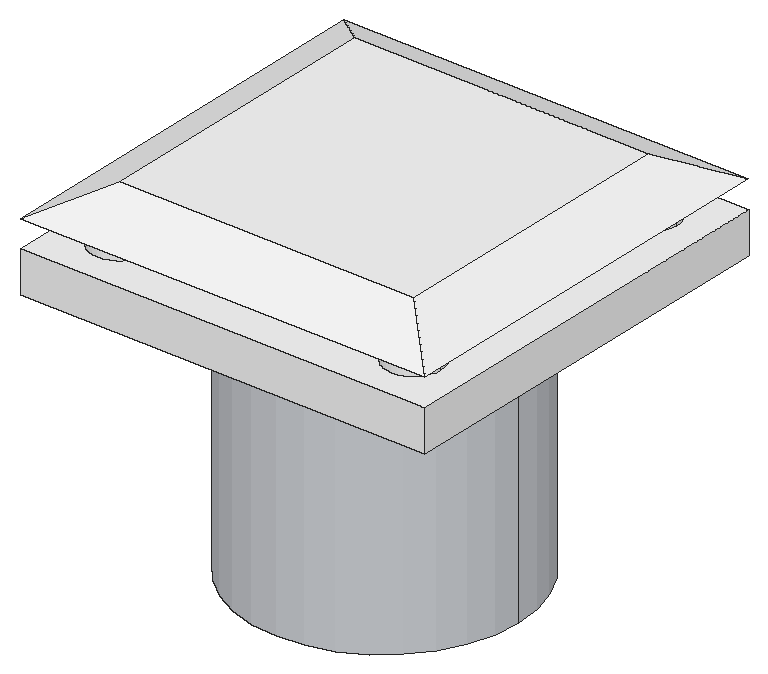
Revit family "CADS_AIRFLOWdev_Fan_QuietAir", category Mechanical Equipment, host Face, Revit 2015
Parameters (values of type "QT100B")
  WeeklyMaintenance = "N/A"
  WarrantyStartDate [instance] = "1900-12-31T23:59:85"
  WarrantyPeriodWhenRegistered = "3"
  WarrantyPeriodForMotors = "1"
  WarrantyPeriod = "2"
  WarrantyGuarantorParts = "info@airflow.com"
  WarrantyGuarantorLabor = "info@airflow.com"
  WarrantyGuarantor = "Airflow Developments Ltd"
  WarrantyEndDate [instance] = "1900-12-31T23:59:63"
  WarrantyContent = "Covered against faulty material or workmanship - not reinstallation if needed"
  Variable_Speed = no
  Uniclass2015 = "Pr_65_67_29_05"
  Type = "QT100B"
  Timer = no
  TagNumber [instance] = "N/A"
  SustainabilityPerformance = "N/A"
  SupplyPhase = 1
  Status = "New"
  StartingTime = 5.0 s
  Spigot Length [instance] = if(Flow_Straightener, C, C - E)  # 96 mm
  Size = "131 x 147 x 147"
  ShippingWeight = 0.75 kg
  Shape = "Square"
  ServiceLifeType = "ExpectedServiceLife"
  ServiceLifeDuration = "3"
  SerialNumber [instance] = "N/A"
  SAPApproval [instance] = no
  RoomExtractAirTerminalDevices = "En-suite, toilet and bathroom fan"
  ReplacementCost = "110.808"
  RedDotDesignAward = yes
  RatedVoltage = 230 V
  RatedCurrent = 3 A
  QuietMarkApproval = yes
  QuietAir = CADS_AirFlow_White
  QuarterlyMaintenance = "N/A"
  Quantity = 1
  ProductionYear = "2017"
  ProductLiterature = "https://www.airflow.com/pdf/Residential%20low%20res%20pdfs/QuietAir%20100.pdf"
  PressureCurve = "https://www.airflow.com/pdf/Residential%20low%20res%20pdfs/QuietAir%20100.pdf"
  PowerSource = "System-powered"
  PointOfContact = "Airflow Developments Ltd"
  Plot Main Unit Driver = ""
  PassiveHouseApproval [instance] = no
  OperationTemperatureRange = "up to 40°C"
  OperationAndMaintenanceManual = "https://www.airflow.com/pdf/OperatingInstructions/QuietAir/9041550_QuietAir_100B_120B_Instructions.pdf"
  NumberOfPoles = 1
  NominalWidth = 147 mm
  NominalStaticPressure = 50.0 Pa
  NominalRotationSpeed = 44.1 Hz
  NominalPowerRate = 9 W
  NominalLength = 131 mm
  NominalHeight = 147 mm
  NominalFrequencyRange = "50-60"
  NominalAirFlowRate = 25.0 L/s
  NBSCode = "90-45-30/310 Axial flow fans;"
  MotorEnclosureType = "Totally Enclosed Air Over"
  MotorDriveType = "Direct Drive"
  Motion_Sensor_Timer = no
  MonthlyMaintenance = "N/A"
  ModelReference = "9041259"
  ModelLabel = "QuietAir 100B"
  Material = "Plastic"
  ManufacturerWebsite = "www.airflow.com"
  ManufacturerTelephone = "01494 525252"
  ManufacturerE-Mail = "info@airflow.com"
  ManufacturerAddress = "Aidelle House\nLancaster Road\nCressex Business Park\nHigh Wycombe\nBucks\nHP123QP"
  Manufacturer = "Airflow Developments Ltd"
  IsGuarded = yes
  IsExtendedWarranty = no
  InsulationStandardClass = "Double Insulated"
  InstallationDate [instance] = "1900-12-31T23:59:63"
  IfcExportType = "NOTDEFINED"
  IfcExportAs = "IfcFanType"
  ISO90001 = yes
  ISO140001 = yes
  IP_Code = "IP45"
  Humidity_Timer = no
  HasProtectiveEarth = no
  HasPartWinding = yes
  GrossWeight = 0.80 kg
  Grade = "Virgin"
  GlobalTradeItemNumber = "5019009306445"
  Flow_Straightener [instance] = yes
  Flow [instance] = 0.0 L/s
  FireControlPanelLinks = no
  Finish = "Matte"
  Features = "The quietest fan complying with Building Regulations and Domestic Ventilation Compliance Guide on both speeds\n2 speed ventilation up to 25l/sec\nNoise levels from just 25dB(A)\nIdeal for longer duct runs\nLow SFP from 0.24 W/l/s\nPower consumption from just 5W\nQuiet Mark Awarded\nRed Dot Design Award Winner"
  Fan = "Domestic intermittent axial fan"
  ExternalExhaustAirTerminals = "90% free air grille"
  ExpectedServiceLife = 3
  Exclusions = "Hasn't been installed or used in accordance with the instructions\nConnected with an unsuitable electrical supply\nHas been misused, neglected or damaged\nModified or repaired by someone not authorised by Airflow Developments Ltd\nHasn't been installed according to Building Regulations or IEEE wiring regulations"
  ErPFiche = "https://www.airflow.com/AIR1/AIR1-SHOP2/images/products/ErP/fiche/9041259%20ErP%20Product%20Fiche.jpg"
  ErPEnergyRating = "E"
  E = 52 mm
  DurationUnit = "Year"
  Ductwork = "100mm flexible or rigid"
  DesignOfDomesticVentilation = "This fan should provide the minimum flow rates outlined and installed in line with Approved Document Part F of the Building Regulations."
  Description = "The quietest fan complying with Building Regulations and Domestic Ventilation Compliance Guide on both speeds"
  Default Elevation = 1219.2 mm
  DailyMaintenance = "N/A"
  D = 98 mm
  Controls = "Basic on/off functionality controlled by external switch"
  Constituents = "N/A"
  ConductorFunction = "N/A"
  Color = "White"
  CodePerformance = "N/A"
  Category = "Pr_65_67_29_05:Axial Flow Fans"
  CapacityControlType = "Two Speed"
  CEApproval = yes
  CADS_Index = 0
  C = 96 mm
  Basic = yes
  BMSLinks = no
  B = 35 mm
  AssetType = "Fixed"
  AssetIdentifier [instance] = "N/A"
  AssemblyPlace = "UKNOWN"
  ArticleNumber = "N/A"
  AnnualMaintenance = "N/A"
  AccessibilityPerformance = "N/A"
  AccessClearanceTop = 350 mm
  AccessClearanceRight = 350 mm
  AccessClearanceRear = 0 mm
  AccessClearanceLeft = 350 mm
  AccessClearanceFront = 350 mm
  AccessClearanceBottom = 350 mm
  A = 147 mm
  6MonthlyMaintenance = "Visually inspect system, clean the fan and ducting if necessary"
Types (13, lengths in mm): name | WarrantyStartDate | WarrantyEndDate | Variable_Speed | Type | Timer | Spigot Length | Size | ShippingWeight | RoomExtractAirTerminalDevices | ReplacementCost | QuietMarkApproval | ProductLiterature | PressureCurve | OperationAndMaintenanceManual | NominalWidth | NominalStaticPressure | NominalRotationSpeed | NominalPowerRate | NominalLength | NominalHeight | NominalAirFlowRate | Motion_Sensor_Timer | ModelReference | ModelLabel | InstallationDate | Humidity_Timer | GrossWeight | GlobalTradeItemNumber | Features | ErPFiche | ErPEnergyRating | E | Ductwork | Description | D | Controls | CapacityControlType | C | Basic | B | A
  (no name) | "1900-12-31T23:59:85" | "1900-12-31T23:59:63" | no | "QT100B" | no | 96 | "131 x 147 x 147" | 0.75 kg | "En-suite, toilet and bathroom fan" | "110.808" | yes | "https://www.airflow.com/pdf/Residential%20low%20res%20pdfs/QuietAir%20100.pdf" | "https://www.airflow.com/pdf/Residential%20low%20res%20pdfs/QuietAir%20100.pdf" | "https://www.airflow.com/pdf/OperatingInstructions/QuietAir/9041550_QuietAir_100B_120B_Instructions.pdf" | 147 | 50.0 Pa | 44.1 Hz | 9 W | 131 | 147 | 25.0 L/s | no | "9041259" | "QuietAir 100B" | "1900-12-31T23:59:63" | no | 0.80 kg | "5019009306445" | "The quietest fan complying with Building Regulations and Domestic Ventilation Compliance Guide on both speeds\n2 speed ventilation up to 25l/sec\nNoise levels from just 25dB(A)\nIdeal for longer duct runs\nLow SFP from 0.24 W/l/s\nPower consumption from just 5W\nQuiet Mark Awarded\nRed Dot Design Award Winner" | "https://www.airflow.com/AIR1/AIR1-SHOP2/images/products/ErP/fiche/9041259%20ErP%20Product%20Fiche.jpg" | "E" | 52 | "100mm flexible or rigid" | "The quietest fan complying with Building Regulations and Domestic Ventilation Compliance Guide on both speeds" | 98 | "Basic on/off functionality controlled by external switch" | "Two Speed" | 96 | yes | 35 | 147
  QT100B | "1900-12-31T23:59:85" | "1900-12-31T23:59:63" | no | "QT100B" | no | 96 | "131 x 147 x 147" | 0.75 kg | "En-suite, toilet and bathroom fan" | "110.808" | yes | "https://www.airflow.com/pdf/Residential%20low%20res%20pdfs/QuietAir%20100.pdf" | "https://www.airflow.com/pdf/Residential%20low%20res%20pdfs/QuietAir%20100.pdf" | "https://www.airflow.com/pdf/OperatingInstructions/QuietAir/9041550_QuietAir_100B_120B_Instructions.pdf" | 147 | 50.0 Pa | 44.1 Hz | 9 W | 131 | 147 | 25.0 L/s | no | "9041259" | "QuietAir 100B" | "1900-12-31T23:59:63" | no | 0.80 kg | "5019009306445" | "The quietest fan complying with Building Regulations and Domestic Ventilation Compliance Guide on both speeds\n2 speed ventilation up to 25l/sec\nNoise levels from just 25dB(A)\nIdeal for longer duct runs\nLow SFP from 0.24 W/l/s\nPower consumption from just 5W\nQuiet Mark Awarded\nRed Dot Design Award Winner" | "https://www.airflow.com/AIR1/AIR1-SHOP2/images/products/ErP/fiche/9041259%20ErP%20Product%20Fiche.jpg" | "E" | 52 | "100mm flexible or rigid" | "The quietest fan complying with Building Regulations and Domestic Ventilation Compliance Guide on both speeds" | 98 | "Basic on/off functionality controlled by external switch" | "Two Speed" | 96 | yes | 35 | 147
  QT100T | "1900-12-31T23:59:86" | "1900-12-31T23:59:64" | no | "QT100T" | yes | 96 | "131 x 147 x 147" | 0.75 kg | "En-suite, toilet and bathroom fan" | "148.848" | yes | "https://www.airflow.com/pdf/Residential%20low%20res%20pdfs/QuietAir%20100.pdf" | "https://www.airflow.com/pdf/Residential%20low%20res%20pdfs/QuietAir%20100.pdf" | "https://www.airflow.com/pdf/OperatingInstructions/QuietAir/9041550_QuietAir_100B_120B_Instructions.pdf" | 147 | 50.0 Pa | 44.1 Hz | 9 W | 131 | 147 | 25.0 L/s | no | "9041260" | "QuietAir 100T" | "1900-12-31T23:59:64" | no | 0.80 kg | "5019009306452" | "The quietest fan complying with Building Regulations and Domestic Ventilation Compliance Guide on both speeds\n2 speed ventilation up to 25l/sec\nNoise levels from just 25dB(A)\nIdeal for longer duct runs\nPower consumption from just 5W\nAdjustable Timer overrun\nRoom refresh feature\nLow SFP from 0.24 W/l/s\nQuiet Mark Awarded\nRed Dot Design Award Winner" | "https://www.airflow.com/AIR1/AIR1-SHOP2/images/products/ErP/fiche/9041260%20ErP%20Product%20Fiche.jpg" | "E" | 52 | "100mm flexible or rigid" | "The quietest fan complying with Building Regulations and Domestic Ventilation Compliance Guide on both speeds" | 98 | "Adjustable timer overrun, can be set to run on for 6,10, 15 or 21mins" | "Two Speed" | 96 | no | 35 | 147
  QT100HT | "1900-12-31T23:59:87" | "1900-12-31T23:59:65" | no | "QT100HT" | no | 96 | "131 x 147 x 147" | 0.75 kg | "En-suite, toilet and bathroom fan" | "229.896" | yes | "https://www.airflow.com/pdf/Residential%20low%20res%20pdfs/QuietAir%20100.pdf" | "https://www.airflow.com/pdf/Residential%20low%20res%20pdfs/QuietAir%20100.pdf" | "https://www.airflow.com/pdf/OperatingInstructions/QuietAir/9041550_QuietAir_100B_120B_Instructions.pdf" | 147 | 50.0 Pa | 44.1 Hz | 9 W | 131 | 147 | 25.0 L/s | no | "9041261" | "QuietAir 100HT" | "1900-12-31T23:59:65" | yes | 0.80 kg | "5019009306469" | "The quietest fan complying with Building Regulations and Domestic Ventilation Compliance Guide on both speeds\n2 speed ventilation up to 25l/sec\nNoise levels from just 25dB(A)\nIdeal for longer duct runs\nPower consumption from just 5W\nAdjustable humidity sensor with adjustable timer overrun\nLow SFP from 0.24 W/l/s\nQuiet Mark Awarded\nRed Dot Design Award Winner" | "https://www.airflow.com/AIR1/AIR1-SHOP2/images/products/ErP/fiche/9041261%20ErP%20Product%20Fiche.jpg" | "C" | 52 | "100mm flexible or rigid" | "The quietest fan complying with Building Regulations and Domestic Ventilation Compliance Guide on both speeds" | 98 | "Adjustable humidity sensor can be set between 60-90% RH. Adjustable timer overrun, can be set to run on for 6,10, 15 or 21mins" | "Two Speed" | 96 | no | 35 | 147
  QT100MST | "1900-12-31T23:59:88" | "1900-12-31T23:59:66" | no | "QT100MST" | no | 96 | "131 x 147 x 147" | 0.75 kg | "En-suite, toilet and bathroom fan" | "257.976" | yes | "https://www.airflow.com/pdf/Residential%20low%20res%20pdfs/QuietAir%20100.pdf" | "https://www.airflow.com/pdf/Residential%20low%20res%20pdfs/QuietAir%20100.pdf" | "https://www.airflow.com/pdf/OperatingInstructions/QuietAir/9041550_QuietAir_100B_120B_Instructions.pdf" | 147 | 50.0 Pa | 44.1 Hz | 9 W | 131 | 147 | 25.0 L/s | yes | "9041262" | "QuietAir 100MST" | "1900-12-31T23:59:66" | no | 0.80 kg | "5019009306476" | "The quietest fan complying with Building Regulations and Domestic Ventilation Compliance Guide on both speeds\n2 speed ventilation up to 25l/sec\nNoise levels from just 25dB(A)\nIdeal for longer duct runs\nPower consumption from just 5W\nActivated by motion sensor\nLow SFP from 0.24 W/l/s\nQuiet Mark Awarded\nRed Dot Design Award Winner" | "https://www.airflow.com/AIR1/AIR1-SHOP2/images/products/ErP/fiche/9041262%20ErP%20Product%20Fiche.jpg" | "C" | 52 | "100mm flexible or rigid" | "The quietest fan complying with Building Regulations and Domestic Ventilation Compliance Guide on both speeds" | 98 | "PIR Motion Sensor activates that fan" | "Two Speed" | 96 | no | 35 | 147
  QT120B | "1900-12-31T23:59:89" | "1900-12-31T23:59:67" | no | "QT120B" | no | 116 | "155 x 176 x 176" | 1.10 kg | "Utility room and kitchen fan (adjacent to the hob) fan" | "122.46" | yes | "https://www.airflow.com/pdf/Residential%20low%20res%20pdfs/QuietAir%20120.pdf" | "https://www.airflow.com/pdf/Residential%20low%20res%20pdfs/QuietAir%20120.pdf" | "https://www.airflow.com/pdf/OperatingInstructions/QuietAir/9041550_QuietAir_100B_120B_Instructions.pdf" | 176 | 52.0 Pa | 39.1 Hz | 13 W | 155 | 176 | 45.0 L/s | no | "9041497" | "QuietAir 120B" | "1900-12-31T23:59:67" | no | 1.05 kg | "5019009307589" | "2 speed ventilation up to 47l/sec\nIdeal for longer duct runs\nSound levels from just 32dB(A)\nVery low SFP from 0.24 W/l/s\nPower consumption from 10W\nAwarded Quiet Mark\nRed Dot Design Award Winner" | "https://www.airflow.com/AIR1/AIR1-SHOP2/images/products/ErP/fiche/9041497%20ErP%20Product%20Fiche.jpg" | "E" | 70 | "125mm flexible or rigid" | "A 2 speed silent intermittent extract fan with Quiet Mark approval" | 118 | "Basic on/off functionality controlled by external switch" | "Two Speed" | 116 | yes | 39 | 176
  QT120T | "1900-12-31T23:59:90" | "1900-12-31T23:59:68" | no | "QT120T" | yes | 116 | "155 x 176 x 176" | 1.10 kg | "Utility room and kitchen fan (adjacent to the hob) fan" | "155.856" | yes | "https://www.airflow.com/pdf/Residential%20low%20res%20pdfs/QuietAir%20120.pdf" | "https://www.airflow.com/pdf/Residential%20low%20res%20pdfs/QuietAir%20120.pdf" | "https://www.airflow.com/pdf/OperatingInstructions/QuietAir/9041550_QuietAir_100B_120B_Instructions.pdf" | 176 | 52.0 Pa | 39.1 Hz | 13 W | 155 | 176 | 45.0 L/s | no | "9041498" | "QuietAir 120T" | "1900-12-31T23:59:68" | no | 1.05 kg | "5019009307596" | "2 speed ventilation up to 47l/sec\nIdeal for longer duct runs\nSound levels from just 32dB(A)\nAdjustable Timer overrun functionality\nRoom refresh feature\nVery low SFP from 0.24 W/l/s\nPower consumption from 10W\nAwarded Quiet Mark\nRed Dot Design Award Winner" | "https://www.airflow.com/AIR1/AIR1-SHOP2/images/products/ErP/fiche/9041498%20ErP%20Product%20Fiche.jpg" | "E" | 70 | "125mm flexible or rigid" | "A 2 speed silent intermittent extract fan with Quiet Mark approval" | 118 | "Adjustable timer overrun, can be set to run on for 6,10, 15 or 21mins" | "Two Speed" | 116 | no | 39 | 176
  QT120HT | "1900-12-31T23:59:91" | "1900-12-31T23:59:69" | no | "QT120HT" | no | 116 | "155 x 176 x 176" | 1.10 kg | "Utility room and kitchen fan (adjacent to the hob) fan" | "252.864" | yes | "https://www.airflow.com/pdf/Residential%20low%20res%20pdfs/QuietAir%20120.pdf" | "https://www.airflow.com/pdf/Residential%20low%20res%20pdfs/QuietAir%20120.pdf" | "https://www.airflow.com/pdf/OperatingInstructions/QuietAir/9041550_QuietAir_100B_120B_Instructions.pdf" | 176 | 52.0 Pa | 39.1 Hz | 13 W | 155 | 176 | 45.0 L/s | no | "9041499" | "QuietAir 120HT" | "1900-12-31T23:59:69" | yes | 1.05 kg | "5019009307602" | "2 speed ventilation up to 47l/sec\nIdeal for longer duct runs\nSound levels from just 32dB(A)\nAdjustable humidity sensor with adjustable timer overrun\nVery low SFP from 0.24 W/l/s\nPower consumption from 10W\nAwarded Quiet Mark\nRed Dot Design Award Winner" | "https://www.airflow.com/AIR1/AIR1-SHOP2/images/products/ErP/fiche/9041499%20ErP%20Product%20Fiche.jpg" | "C" | 70 | "125mm flexible or rigid" | "A 2 speed silent intermittent extract fan with Quiet Mark approval" | 118 | "Adjustable humidity sensor can be set between 60-90% RH. Adjustable timer overrun, can be set to run on for 6,10, 15 or 21mins" | "Two Speed" | 116 | no | 39 | 176
  QT120MST | "1900-12-31T23:59:92" | "1900-12-31T23:59:70" | no | "QT120MST" | no | 116 | "155 x 176 x 176" | 1.10 kg | "Utility room and kitchen fan (adjacent to the hob) fan" | "302.16" | yes | "https://www.airflow.com/pdf/Residential%20low%20res%20pdfs/QuietAir%20120.pdf" | "https://www.airflow.com/pdf/Residential%20low%20res%20pdfs/QuietAir%20120.pdf" | "https://www.airflow.com/pdf/OperatingInstructions/QuietAir/9041550_QuietAir_100B_120B_Instructions.pdf" | 176 | 52.0 Pa | 39.1 Hz | 13 W | 155 | 176 | 45.0 L/s | yes | "9041500" | "QuietAir 120MST" | "1900-12-31T23:59:70" | no | 1.05 kg | "5019009307619" | "2 speed ventilation up to 47l/sec\nIdeal for longer duct runs\nSound levels from just 32dB(A)\nMotion sensor activates fan\nVery low SFP from 0.24 W/l/s\nPower consumption from 10W\nAwarded Quiet Mark\nRed Dot Design Award Winner" | "https://www.airflow.com/AIR1/AIR1-SHOP2/images/products/ErP/fiche/9041500%20ErP%20Product%20Fiche.jpg" | "C" | 70 | "125mm flexible or rigid" | "A 2 speed silent intermittent extract fan with Quiet Mark approval" | 118 | "PIR Motion Sensor activates that fan" | "Two Speed" | 116 | no | 39 | 176
  QT150B | "1900-12-31T23:59:93" | "1900-12-31T23:59:71" | no | "QT150B" | no | 142 | "190 x 210 x 210" | 1.45 kg | "Kitchen fan (without cooker hood)" | "187.488" | no | "https://www.airflow.com/pdf/Residential%20low%20res%20pdfs/QuietAir%20150.pdf" | "https://www.airflow.com/pdf/Residential%20low%20res%20pdfs/QuietAir%20150.pdf" | "https://www.airflow.com/pdf/OperatingInstructions/QuietAir/QuietAir%20QT150B%20Instruction%20Manual.pdf" | 210 | 33.0 Pa | 31.6 Hz | 10 W | 190 | 210 | 72.0 L/s | no | "90000454" | "QuietAir 150B" | "1900-12-31T23:59:71" | no | 1.20 kg | "5019009317656" | "2 speed ventilation up to 72l/sec\nNoise levels from 35dB(A)\nLow SFP of just 0.09W/l/s\nPower consumption from only 6W\nIdeal for longer duct runs\nRed Dot Design Award Winner" | "https://www.airflow.com/AIR1/AIR1-SHOP2/images/products/ErP/fiche/90000454%20ErP%20Product%20Fiche.jpg" | "E" | 76 | "145mm flexible or rigid" | "A 2 speed \"silent\" intermittent extract fan" | 145 | "Basic on/off functionality controlled by external switch" | "Two Speed" | 142 | yes | 48 | 210
  QT150T | "1900-12-31T23:59:94" | "1900-12-31T23:59:72" | no | "QT150T" | yes | 142 | "190 x 210 x 210" | 1.45 kg | "Kitchen fan (without cooker hood)" | "234.576" | no | "https://www.airflow.com/pdf/Residential%20low%20res%20pdfs/QuietAir%20150.pdf" | "https://www.airflow.com/pdf/Residential%20low%20res%20pdfs/QuietAir%20150.pdf" | "https://www.airflow.com/pdf/OperatingInstructions/QuietAir/QuietAir%20QT150B%20Instruction%20Manual.pdf" | 210 | 33.0 Pa | 31.6 Hz | 10 W | 190 | 210 | 72.0 L/s | no | "90000455" | "QuietAir 150T" | "1900-12-31T23:59:72" | no | 1.20 kg | "5019009317663" | "2 speed ventilation up to 72l/sec\nNoise levels from 35dB(A)\nLow SFP of just 0.09W/l/s\nPower consumption from only 6W\nIdeal for longer duct runs\nAdjustable timer overrun\nRoom refresh feature\nRed Dot Design Award Winner" | "https://www.airflow.com/AIR1/AIR1-SHOP2/images/products/ErP/fiche/90000455%20ErP%20Product%20Fiche.jpg" | "E" | 76 | "145mm flexible or rigid" | "A 2 speed \"silent\" intermittent extract fan" | 145 | "Adjustable timer overrun, can be set to run on for 6,10, 15 or 21mins" | "Two Speed" | 142 | no | 48 | 210
  QT150HT | "1900-12-31T23:59:95" | "1900-12-31T23:59:73" | no | "QT150HT" | no | 142 | "190 x 210 x 210" | 1.45 kg | "Kitchen fan (without cooker hood)" | "308.448" | no | "https://www.airflow.com/pdf/Residential%20low%20res%20pdfs/QuietAir%20150.pdf" | "https://www.airflow.com/pdf/Residential%20low%20res%20pdfs/QuietAir%20150.pdf" | "https://www.airflow.com/pdf/OperatingInstructions/QuietAir/QuietAir%20QT150B%20Instruction%20Manual.pdf" | 210 | 33.0 Pa | 31.6 Hz | 10 W | 190 | 210 | 72.0 L/s | no | "90000456" | "QuietAir 150HT" | "1900-12-31T23:59:73" | yes | 1.20 kg | "5019009317670" | "2 speed ventilation up to 72l/sec\nNoise levels from 35dB(A)\nLow SFP of just 0.09W/l/s\nPower consumption from only 6W\nIdeal for longer duct runs\nAdjustable humidity sensor with adjustable timer overrun\nRed Dot Design Award Winner" | "https://www.airflow.com/AIR1/AIR1-SHOP2/images/products/ErP/fiche/90000456%20ErP%20Product%20Fiche.jpg" | "C" | 76 | "145mm flexible or rigid" | "A 2 speed \"silent\" intermittent extract fan" | 145 | "Adjustable humidity sensor can be set between 60-90% RH. Adjustable timer overrun, can be set to run on for 6,10, 15 or 21mins" | "Two Speed" | 142 | no | 48 | 210
  QT150VS | "1900-12-31T23:59:96" | "1900-12-31T23:59:74" | yes | "QT150VS" | no | 142 | "190 x 210 x 210" | 1.45 kg | "Kitchen fan (without cooker hood)" | "286.416" | no | "https://www.airflow.com/pdf/Residential%20low%20res%20pdfs/QuietAir%20150.pdf" | "https://www.airflow.com/pdf/Residential%20low%20res%20pdfs/QuietAir%20150.pdf" | "https://www.airflow.com/pdf/OperatingInstructions/QuietAir/QuietAir%20QT150B%20Instruction%20Manual.pdf" | 210 | 33.0 Pa | 31.6 Hz | 10 W | 190 | 210 | 72.0 L/s | no | "90000458" | "QuietAir 150VS" | "1900-12-31T23:59:74" | no | 1.20 kg | "5019009317687" | "Variable speed ventilation up to 72l/sec\nNoise levels from 35dB(A)\nLow SFP of just 0.09W/l/s\nPower consumption from only 6W\nIdeal for longer duct runs\nVariable speed drive controlled by remote switch\nRed Dot Design Award Winner" | "https://www.airflow.com/AIR1/AIR1-SHOP2/images/products/ErP/fiche/90000457%20ErP%20Product%20Fiche.jpg" | "C" | 76 | "145mm flexible or rigid" | "Variable speed \"silent\" intermittent extract fan" | 145 | "Variable speed drive that is controlled by a remote switch" | "Variable Speed Drive" | 142 | no | 48 | 210
Reference planes
  plane 1 "Center (Front/Back)": y = 0
  plane 2: z = 0
  plane 3 "Center (Left/Right)": x = 0
  plane 4: x = -73.5
  plane 5: x = 73.5
  plane 6: y = 73.5
  plane 7: y = -73.5
  plane 8: z = -96
  plane 9 "Back of Fan": z = 0
  plane 10 "Top": z = 35
  plane 11: z = 15
  plane 12 "Bottom": z = 25
  plane 13: x = -53.5
  plane 14: x = 53.5
  plane 15: y = 53.5
  plane 16: y = -53.5
  plane 17: z = -44
Forms (mm)
  Extrusion 1, solid, material "CADS_AirFlow_White" <- "QuietAir", detail levels medium+fine
    sketch origin (0, 0, 0) x (1, 0, 0) y (0, 1, 0)
      loop
        line (-73.5, 73.5) -> (-73.5, -73.5) -> (73.5, -73.5) -> (73.5, 73.5) -> (-73.5, 73.5)
    from 0 to 15
  Extrusion 2, solid
    sketch origin (0, 0, 0) x (1, 0, 0) y (0, 1, 0)
      loop
        circle (0, 0) r 49
    from -96 to 0
  Extrusion 3, solid, material "CADS_AirFlow_White" <- "QuietAir", detail levels medium+fine
    sketch origin (0, 0, 0) x (1, 0, 0) y (0, 1, 0)
      loop
        circle (-53.5, 53.5) r 10
      loop
        circle (53.5, 53.5) r 10
      loop
        circle (-53.5, -53.5) r 10
      loop
        circle (53.5, -53.5) r 10
    from 15 to 25
  Blend 4, solid, material "CADS_AirFlow_White" <- "QuietAir", detail levels medium+fine
    base sketch origin (0, 0, 25) x (-1, 0, 0) y (0, -1, 0)
      loop
        line (73.5, -73.5) -> (73.5, 73.5) -> (-73.5, 73.5) -> (-73.5, -73.5) -> (73.5, -73.5)
    top sketch origin (0, 0, 35) x (-1, 0, 0) y (0, -1, 0)
      loop
        line (53.5, -53.5) -> (53.5, 53.5) -> (-53.5, 53.5) -> (-53.5, -53.5) -> (53.5, -53.5)
    from 0 to 0
  Extrusion 5, solid, material "CADS_AirFlow_White" <- "QuietAir", detail levels coarse
    sketch origin (0, 0, 35) x (-1, 0, 0) y (0, -1, 0)
      loop
        line (73.5, -73.5) -> (73.5, 73.5) -> (-73.5, 73.5) -> (-73.5, -73.5) -> (73.5, -73.5)
    from -35 to 0
Dimensions and locks
  equal spacing: plane 6, plane 1 "Center (Front/Back)", plane 7
  equal spacing: plane 4, plane 3 "Center (Left/Right)", plane 5
  "A": plane 6 to plane 7
  "A": plane 4 to plane 5
  "B": plane 10 "Top" to plane 9 "Back of Fan"
  locked: plane 11 to plane 9 "Back of Fan" at 15
  locked: plane 12 "Bottom" to plane 11 at 10
  locked: plane 4 to plane 13 at 20
  locked: plane 14 to plane 5 at 20
  locked: plane 6 to plane 15 at 20
  locked: plane 16 to plane 7 at 20
  "Spigot Length": level to plane 8
  "D": diameter of Extrusion 2 sketch curve
  aligned and locked: plane 2 to host face
  aligned and locked: level to host face
  aligned and locked: plane 4 to Extrusion 1 sketch curve
  aligned and locked: plane 7 to Extrusion 1 sketch curve
  aligned and locked: Extrusion 1 to plane 9 "Back of Fan"
  aligned and locked: plane 11 to Extrusion 1
  aligned and locked: Extrusion 2 to plane 8
  aligned and locked: plane 9 "Back of Fan" to Extrusion 2
  aligned and locked: Extrusion 3 to Extrusion 1
  aligned and locked: plane 12 "Bottom" to Extrusion 3
  aligned and locked: plane 4 to Blend 4 sketch curve
  aligned and locked: plane 7 to Blend 4 sketch curve
  aligned and locked: Blend 4 sketch curve to plane 15
  aligned and locked: Blend 4 sketch curve to plane 14
  aligned and locked: plane 10 "Top" to Blend 4
  aligned and locked: plane 4 to Extrusion 5 sketch curve
  aligned and locked: Extrusion 5 sketch curve to plane 5
  aligned and locked: Extrusion 5 to plane 9 "Back of Fan"
  aligned and locked: plane 10 "Top" to Extrusion 5
  aligned and locked: level to plane 9 "Back of Fan"
Automatic sketch dimensions
  host sketch curve to host sketch curve = 2438.4 mm  (x2)
  Extrusion 1 sketch curve to plane 5 = 0 mm
  Extrusion 1 sketch curve to plane 6 = 0 mm
  Extrusion 3 sketch curve to plane 13 = 0 mm  (x2)
  Extrusion 3 sketch curve to plane 14 = 0 mm  (x2)
  Extrusion 3 sketch curve to plane 16 = 0 mm  (x2)
  Extrusion 3 sketch curve to plane 15 = 0 mm  (x2)
  Blend 4 sketch curve to plane 5 = 0 mm
  Blend 4 sketch curve to plane 6 = 0 mm
  Blend 4 sketch curve to plane 13 = 0 mm
  Blend 4 sketch curve to plane 16 = 0 mm
  Extrusion 5 sketch curve to plane 6 = 0 mm
  Extrusion 5 sketch curve to plane 7 = 0 mm
  plane 1 "Center (Front/Back)" to Extrusion 2 sketch curve = 0 mm
  Extrusion 2 sketch curve to plane 3 "Center (Left/Right)" = 0 mm
  radius of Extrusion 3 sketch curve = 10 mm  (x4)
Connectors
  hvac at (0, 0, 0), driven by "Flow"
    settings: on Extrusion 1, index 2, duct flow 0.0 L/s, flow factor 0, pres drop 0.0 Pa, loss coef 0, conn angle 0.00°, conn width 304.8 mm, conn height 304.8 mm, conn diameter 100 mm, duct sys type 3, conn prof type 0, flow config 1, flow direction 2, loss method 0, conn ref index -1, conn util no, is conn primary yes, conn desc ""
  electrical at (0, 0, -96), driven by "NumberOfPoles", driven by "RatedVoltage", driven by "NominalPowerRate"
    settings: on Extrusion 2, index 3, voltage 230 V, apparent load 9 VA, apparent load phase1 0 VA, apparent load phase2 0 VA, apparent load phase3 0 VA, power factor 1, load classification "Other", number of poles 1, system type 30, power factor state 1, is connector primary yes, connector utility no, sub classification motor no, connector description ""
